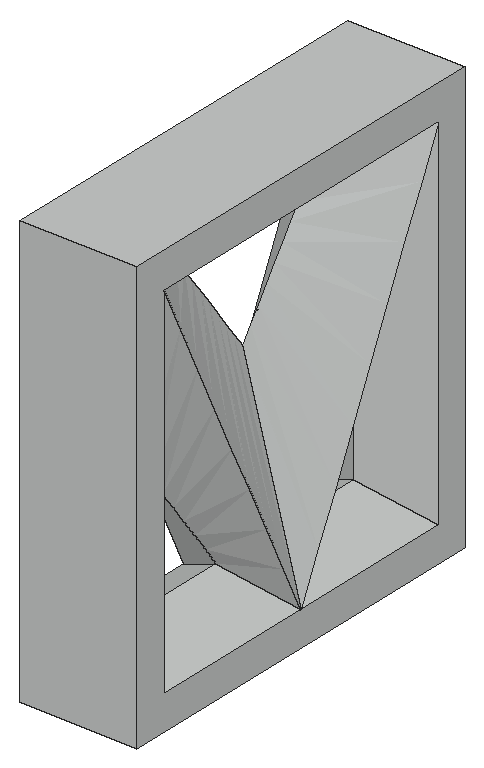
Revit family "BANDASSI", category Curtain Panels, Revit 2019
Family settings
  OmniClass Number = 23.25.20.14.11.11.17
  OmniClass Title = Infill Panels
  Always vertical = Yes
  Cut with Voids When Loaded = No
  Shared = No
Parameters
  Material en Concreto = Concreto ladrillo
Reference planes (m)
  plane 1 "Centro (Frontal/Posterior)": y = 0
  plane 2: z = 0
  plane 3 "Centro (Izquierda/Derecha)": x = 0
  plane 4 "Izquierda": x = -1.5
  plane 5 "Derecha": x = 1.5
  plane 6 "Parte superior": z = 1.12
Forms (m)
  Extrusion 1, solid, material "Concreto ladrillo" <- "Material en Concreto"
    sketch origin (0, -0.370168, 0.374218) x (0, 0, -1) y (0, 1, 0)
      loop
        line (0.080559, 0.370168) -> (0.080559, 0.09134) -> (0.374218, 0.09134) -> (0.374218, 0.370168) -> (0.080559, 0.370168)
    from 0.08 to 0
  Blend 2, void
    base sketch origin (0, -0.04328, 0.333287) x (0, -0.000412, -1) y (0, 1, -0.000412)
      loop
        line (0.063112, 0.021) -> (0.309834, -0.096006) -> (0.309786, 0.021102) -> (0.063112, 0.021)
    top sketch origin (0, -0.04328, 0.333287) x (0, -0.000412, -1) y (0, 1, -0.000412)
      loop
        line (0.286302, -0.001214) -> (0.186458, -0.001255) -> (0.286332, -0.073709) -> (0.286302, -0.001214)
    from 0 to 0.04
  Blend 3, void
    base sketch origin (0, -0.235547, 0.333287) x (0, 0.000412, -1) y (0, 1, 0.000412)
      loop
        line (0.063112, -0.021) -> (0.309786, -0.021102) -> (0.309834, 0.096006) -> (0.063112, -0.021)
    top sketch origin (0, -0.235547, 0.333287) x (0, 0.000412, -1) y (0, 1, 0.000412)
      loop
        line (0.286302, 0.001214) -> (0.286332, 0.073709) -> (0.186458, 0.001255) -> (0.286302, 0.001214)
    from 0 to 0.04
  Blend 4, void
    base sketch origin (0, -0.160388, 0.480116) x (0, -0.000412, -1) y (0, 1, -0.000412)
      loop
        line (0.20999, -0.096047) -> (0.456615, 0.021162) -> (0.209893, 0.138168) -> (0.20999, -0.096047)
    top sketch origin (0, -0.160388, 0.480116) x (0, -0.000412, -1) y (0, 1, -0.000412)
      loop
        line (0.309786, 0.021102) -> (0.233412, 0.076508) -> (0.233457, -0.034695) -> (0.309786, 0.021102)
    from 0 to 0.04
  Blend 5, void
    base sketch origin (0.08, -0.04328, 0.333287) x (0, -0.000412, -1) y (0, -1, 0.000412)
      loop
        line (0.063112, -0.021) -> (0.309786, -0.021102) -> (0.309834, 0.096006) -> (0.063112, -0.021)
    top sketch origin (0.08, -0.04328, 0.333287) x (0, -0.000412, -1) y (0, -1, 0.000412)
      loop
        line (0.286302, 0.001214) -> (0.286332, 0.073709) -> (0.186458, 0.001255) -> (0.286302, 0.001214)
    from 0 to 0.04
  Blend 6, void
    base sketch origin (0.08, -0.235547, 0.333287) x (0, 0.000412, -1) y (0, -1, -0.000412)
      loop
        line (0.063112, 0.021) -> (0.309834, -0.096006) -> (0.309786, 0.021102) -> (0.063112, 0.021)
    top sketch origin (0.08, -0.235547, 0.333287) x (0, 0.000412, -1) y (0, -1, -0.000412)
      loop
        line (0.286302, -0.001214) -> (0.186458, -0.001255) -> (0.286332, -0.073709) -> (0.286302, -0.001214)
    from 0 to 0.04
  Blend 7, void
    base sketch origin (0.08, -0.160388, 0.480116) x (0, -0.000412, -1) y (0, -1, 0.000412)
      loop
        line (0.20999, 0.096047) -> (0.209893, -0.138168) -> (0.456615, -0.021162) -> (0.20999, 0.096047)
    top sketch origin (0.08, -0.160388, 0.480116) x (0, -0.000412, -1) y (0, -1, 0.000412)
      loop
        line (0.309786, -0.021102) -> (0.233457, 0.034695) -> (0.233412, -0.076508) -> (0.309786, -0.021102)
    from 0 to 0.04
Cuts and joins
  Blend 2, Blend 3, Blend 4, Blend 5, Blend 6, Blend 7 cuts Extrusion 1
Text (m)
  text "Exterior" at (-2.45384, 1.416179, 0), in view "Nivel de referencia"
  text "Exterior" at (0, 0.997594, 1.31268), in view "Izquierda"
  text "Exterior" at (0, 1.328187, 4.120349), in view "Derecha"
Dimensions and locks (m)
  equal spacing: plane 4 "Izquierda", plane 3 "Centro (Izquierda/Derecha)", plane 5 "Derecha"
  aligned and locked: level to plane 2
Automatic sketch dimensions
  Extrusion 1 sketch curve to plane 1 "Centro (Frontal/Posterior)" = 0.000 m
  Extrusion 1 sketch curve to level = 0.000 m
  level to Extrusion 1 sketch curve = 0.293659 m
  Extrusion 1 sketch curve to Extrusion 1 sketch curve = 0.278827 m
  plane 1 "Centro (Frontal/Posterior)" to Blend 2 sketch curve = 0.022306 m
  level to Blend 2 sketch curve = 0.270166 m
  Blend 2 sketch curve to Blend 2 sketch curve = 0.246673 m
  Blend 2 sketch curve to Blend 2 sketch curve = 0.000048 m
  Blend 2 sketch curve to Blend 2 sketch curve = 0.117006 m
  plane 1 "Centro (Frontal/Posterior)" to Blend 2 sketch curve = 0.044612 m
  level to Blend 2 sketch curve = 0.146829 m
  Blend 2 sketch curve to Blend 2 sketch curve = 0.099844 m
  Blend 2 sketch curve to Blend 2 sketch curve = 0.00003 m
  Blend 2 sketch curve to Blend 2 sketch curve = 0.072454 m
  plane 1 "Centro (Frontal/Posterior)" to Blend 3 sketch curve = 0.256521 m
  level to Blend 3 sketch curve = 0.270166 m
  Blend 3 sketch curve to Blend 3 sketch curve = 0.246673 m
  Blend 3 sketch curve to Blend 3 sketch curve = 0.000048 m
  Blend 3 sketch curve to Blend 3 sketch curve = 0.000102 m
  level to Blend 3 sketch curve = 0.146829 m
  plane 1 "Centro (Frontal/Posterior)" to Blend 3 sketch curve = 0.234215 m
  Blend 3 sketch curve to Blend 3 sketch curve = 0.099844 m
  Blend 3 sketch curve to Blend 3 sketch curve = 0.00003 m
  Blend 3 sketch curve to Blend 3 sketch curve = 0.000041 m
  plane 1 "Centro (Frontal/Posterior)" to Blend 4 sketch curve = 0.022306 m
  level to Blend 4 sketch curve = 0.270166 m
  Blend 4 sketch curve to Blend 4 sketch curve = 0.000096 m
  Blend 4 sketch curve to Blend 4 sketch curve = 0.246722 m
  Blend 4 sketch curve to Blend 4 sketch curve = 0.117006 m
  Blend 4 sketch curve to Blend 4 sketch curve = 0.234215 m
  plane 1 "Centro (Frontal/Posterior)" to Blend 4 sketch curve = 0.083976 m
  level to Blend 4 sketch curve = 0.246673 m
  Blend 4 sketch curve to Blend 4 sketch curve = 0.000046 m
  Blend 4 sketch curve to Blend 4 sketch curve = 0.076374 m
  Blend 4 sketch curve to Blend 4 sketch curve = 0.055406 m
  Blend 4 sketch curve to Blend 4 sketch curve = 0.055797 m
  plane 1 "Centro (Frontal/Posterior)" to Blend 5 sketch curve = 0.022306 m
  level to Blend 5 sketch curve = 0.270166 m
  Blend 5 sketch curve to Blend 5 sketch curve = 0.246673 m
  Blend 5 sketch curve to Blend 5 sketch curve = 0.000048 m
  Blend 5 sketch curve to Blend 5 sketch curve = 0.000102 m
  plane 1 "Centro (Frontal/Posterior)" to Blend 5 sketch curve = 0.044612 m
  level to Blend 5 sketch curve = 0.146829 m
  Blend 5 sketch curve to Blend 5 sketch curve = 0.099844 m
  Blend 5 sketch curve to Blend 5 sketch curve = 0.00003 m
  Blend 5 sketch curve to Blend 5 sketch curve = 0.000041 m
  plane 1 "Centro (Frontal/Posterior)" to Blend 6 sketch curve = 0.256521 m
  level to Blend 6 sketch curve = 0.270166 m
  Blend 6 sketch curve to Blend 6 sketch curve = 0.246673 m
  Blend 6 sketch curve to Blend 6 sketch curve = 0.000048 m
  Blend 6 sketch curve to Blend 6 sketch curve = 0.117006 m
  level to Blend 6 sketch curve = 0.146829 m
  plane 1 "Centro (Frontal/Posterior)" to Blend 6 sketch curve = 0.234215 m
  Blend 6 sketch curve to Blend 6 sketch curve = 0.099844 m
  Blend 6 sketch curve to Blend 6 sketch curve = 0.00003 m
  Blend 6 sketch curve to Blend 6 sketch curve = 0.072454 m
  plane 1 "Centro (Frontal/Posterior)" to Blend 7 sketch curve = 0.022306 m
  level to Blend 7 sketch curve = 0.270166 m
  Blend 7 sketch curve to Blend 7 sketch curve = 0.000096 m
  Blend 7 sketch curve to Blend 7 sketch curve = 0.246722 m
  Blend 7 sketch curve to Blend 7 sketch curve = 0.117006 m
  Blend 7 sketch curve to Blend 7 sketch curve = 0.234215 m
  plane 1 "Centro (Frontal/Posterior)" to Blend 7 sketch curve = 0.083976 m
  level to Blend 7 sketch curve = 0.246673 m
  Blend 7 sketch curve to Blend 7 sketch curve = 0.000046 m
  Blend 7 sketch curve to Blend 7 sketch curve = 0.076374 m
  Blend 7 sketch curve to Blend 7 sketch curve = 0.055406 m
  Blend 7 sketch curve to Blend 7 sketch curve = 0.055797 m
